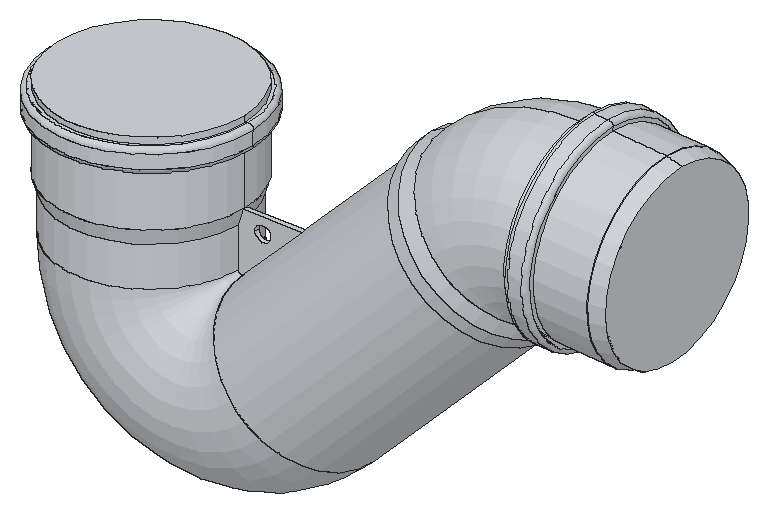
Revit family "RAUPIANO PLUS P-Trap Siphon without Vent", category Pipe Accessories, Revit 2012
Parameters (values of type "Standard")
  h4 [instance] = sin(Angle) * Radius 1  # 40.376 mm
  h3 [instance] = ((Length 1 + bmin 1) * cos(Angle)) - (Radius 1 * sin(Angle))  # 83.485 mm
  h2 [instance] = 36 mm - 2.5 mm  # 33.5 mm
  h1 [instance] = 6 mm - 2.5 mm  # 3.5 mm
  tmin 1 [instance] = 9.5 mm + 6 mm + 36 mm + bmin 1  # 56.165 mm
  re 1 [instance] = de 1 / 2  # 55.1 mm
  dst1 [instance] = 2 mm  # constant formula
  de 1 [instance] = 110.2 mm  # constant formula
  bmin 1 [instance] = (2.5 mm / tan(15.00°)) / 2  # 4.665 mm
  a3 [instance] = Radius 1 * cos(Angle)  # 40.376 mm
  a2 [instance] = (Length 1 + bmin 1) * sin(Angle)  # 123.86 mm
  a1 [instance] = Radius 1 * cos(Angle)  # 40.376 mm
  Type Comments = "RAU-PP; Push-fit; White"  # constant formula
  Thermal expansion coefficient [instance] = "0,09 mm/m.K"  # constant formula
  Temperature resistance [instance] = "90°C (continuous), 95°C (short term)"  # constant formula
  T1 = "DN 110"
  Spec Text [instance] = if(D = 110 mm, T1, Fail)  # "DN 110"
  Radius 1 [instance] = re 1 + dst1  # 57.1 mm
  Pressure resistance [instance] = "1 bar (100 kPa, 10m)"  # constant formula
  Pressure Drop [instance] = 0.00 psi
  Materialcode SAP [instance] = if(D = 110 mm, M1, Fail)  # "11230691001"
  Manufacturer = "REHAU"  # constant formula
  M1 = "11230691001"
  Loss Method = K Coefficient from Table
  Lookup Table Name = ""
  Length 2 [instance] = Length 1 - bmin 1  # 165.835 mm
  Length 1 [instance] = 170.5 mm  # constant formula
  K Coefficient Table = "Converging/Diverging Tee/Wye"
  Health and environmental impact [instance] = "Halogen-free (no F, Cl, Br, J) and 100% recyclable"  # constant formula
  Fire load [instance] = "14.992 kJ/kg"  # constant formula
  Fire behaviour [instance] = "B2 (DIN 4102); D,S3-d0 (EN 13501-1)"  # constant formula
  Fail = "No article found"
  Description = "REHAU RAUPIANO PLUS long socket"  # constant formula
  D [instance] = Nominal Diameter 1  # 110 mm
  Class [instance] = "SN4"  # constant formula
  Chemical resistance [instance] = "pH 2 - 12"  # constant formula
  Belt Thickness 1 [instance] = Dmax 1 / 2 - Sleeve Radius 1  # 5.3 mm
  Belt Radius 1 [instance] = 3 mm  # constant formula
  Belt Length 1 [instance] = 9.5 mm + 4.9 mm  # 14.4 mm
  Sleeve Radius 1 [instance] = (4.9 mm + 110.9 mm) / 2  # 57.9 mm
  Sleeve Length 1 [instance] = tmin 1 + bmin 1  # 60.83 mm
  Nominal Radius 1 [instance] = 55 mm  # constant formula
  Nominal Diameter 1 [instance] = Nominal Radius 1 * 2  # 110 mm
  Dmax 1 [instance] = 121.5 mm + 4.9 mm  # 126.4 mm
  Article No [instance] = if(D = 110 mm, A1, Fail)  # "123069-001"
  Application [instance] = "Not to be exposed to UV-radiation"  # constant formula
  Angle 3 [instance] = 48.00°  # constant formula
  Angle 2 [instance] = 180.00° - Angle  # 135.00°
  Angle [instance] = 45.00°  # constant formula
  Acoustic properties [instance] = "Rw + Ctr 42 (with industry standard suspended ceiling)"  # constant formula
  A1 = "123069-001"
  2 bmin 1 [instance] = 2.5 mm / tan(15.00°)  # 9.33 mm
Reference planes
  plane 1 "Center (Front/Back)": y = 0
  plane 2: z = 0
  plane 3 "Center (Left/Right)": x = 0
  plane 4: x = -57.9
  plane 5: x = 57.9
  plane 6: z = -3.5
  plane 7: z = -17.9
  plane 8: z = -51.4
  plane 9: z = -60.73
  plane 10: z = -56.065
  plane 11: z = -85.73
  plane 12: x = 57.1
  plane 13: x = 221.336
  plane 14: x = 97.476
  plane 15: z = -2.246
  plane 16: z = -42.621
  plane 17: y = 1.5
  plane 18: y = -1.5
  plane 19: z = -142.83
  plane 20: x = 137.852
  plane 21: x = 70.559
  plane 22: x = 84.017
Forms (mm)
  Extrusion 1, solid, detail levels fine
    sketch origin (0, 0, 0) x (1, 0, 0) y (0, 1, 0)
      loop
        circle (0, 0) r 57.9
    from -51.4 to 0
  Blend 2, solid, detail levels fine
    base sketch origin (0, 0, 0) x (1, 0, 0) y (0, 1, 0)
      loop
        circle (0, 0) r 57.9
    top sketch origin (0, 0, 0) x (1, 0, 0) y (0, 1, 0)
      loop
        circle (0, 0) r 55.1
    from -51.4 to -60.73
  Revolve 3, solid, detail levels fine
    sketch origin (0, 0, 0) x (1, 0, 0) y (0, 0, 1)
      loop
        line (57.9, -3.5) -> (57.9, -17.9) -> (60.2, -17.9)
        arc (60.2, -17.9) -> (62.321, -17.021) -> (63.2, -14.9) r 3
        line (63.2, -14.9) -> (63.2, -6.5)
        arc (63.2, -6.5) -> (62.321, -4.379) -> (60.2, -3.5) r 3
        line (60.2, -3.5) -> (57.9, -3.5)
      axis (0, -3.5) -> (0, -17.9)
    angle from 0 to 360
  Extrusion 4, solid, detail levels fine
    sketch origin (0, 0, 0) x (1, 0, 0) y (0, 1, 0)
      loop
        circle (0, 0) r 55.1
    from -60.73 to -85.73
  Sweep 5, solid, detail levels fine
    path in 3D
      loop
        arc (0, 0, -85.73) -> (35.249, 0, -138.484) -> (97.476, 0, -126.106) r 57.1
    profile origin (35.249, 0, -138.484) x (0.382683, 0, 0.92388) y (0, -1, 0)
      loop
        circle (0, 0) r 55.1
  Sweep 6, solid, detail levels fine
    path origin (97.476, 0, -126.106) x (0.707107, 0, 0.707107) y (-0.707107, 0, 0.707107)
      loop
        line (0, 0) -> (156.505, 0)
    profile origin (152.809, 0, -70.773) x (-0.707107, 0, 0.707107) y (0, -1, 0)
      loop
        circle (0, 0) r 55.1
  Sweep 7, solid, detail levels fine
    path in 3D
      loop
        line (214.739, 0, -8.843) -> (208.141, 0, -15.44)
    profile origin (211.44, 0, -12.142) x (0.707107, 0, -0.707107) y (0, -1, 0)
      loop
        circle (0, 0) r 57.9
  SweptBlend 8, solid, detail levels fine
    path in 3D
      loop
        line (214.739, 0, -8.843) -> (221.336, 0, -2.246)
    profile origin (214.739, 0, -8.843) x (-0.707107, 0, 0.707107) y (0, -1, 0)
      loop
        circle (0, 0) r 57.9
    end profile origin (221.336, 0, -2.246) x (-0.707107, 0, 0.707107) y (0, -1, 0)
      loop
        circle (0, 0) r 55.1
  Sweep 9, solid, detail levels fine
    path in 3D
      loop
        arc (221.336, 0, -2.246) -> (241.249, 0, 10.686) -> (264.7, 0, 14.4) r 57.1
    profile origin (241.249, 0, 10.686) x (-0.358368, 0, 0.93358) y (0, -1, 0)
      loop
        circle (0, 0) r 55.1
  SweptBlend 10, solid, detail levels fine
    path in 3D
      loop
        line (325.447, 0, 11.217) -> (316.13, 0, 11.705)
    profile origin (325.447, 0, 11.217) x (-0.052336, 0, -0.99863) y (0, -1, 0)
      loop
        circle (0, 0) r 55.1
    end profile origin (316.13, 0, 11.705) x (-0.052336, 0, -0.99863) y (0, -1, 0)
      loop
        circle (0, 0) r 57.9
  Sweep 11, solid, detail levels fine
    path origin (264.7, 0, 14.4) x (0.99863, 0, -0.052336) y (0.052336, 0, 0.99863)
      loop
        line (0, 0) -> (51.5, 0)
    profile origin (290.415, 0, 13.053) x (0.052336, 0, 0.99863) y (0, -1, 0)
      loop
        circle (0, 0) r 57.9
  Revolve 12, solid, detail levels fine
    sketch origin (264.7, 0, 14.4) x (0.99863, 0, -0.052336) y (0.052336, 0, 0.99863)
      loop
        line (17.9, 57.9) -> (17.9, 60.2)
        arc (17.9, 60.2) -> (17.021, 62.321) -> (14.9, 63.2) r 3
        line (14.9, 63.2) -> (6.5, 63.2)
        arc (6.5, 63.2) -> (4.379, 62.321) -> (3.5, 60.2) r 3
        line (3.5, 60.2) -> (3.5, 57.9) -> (17.9, 57.9)
      axis (3.5, 0) -> (17.9, 0)
    angle from 0 to 360
  Extrusion 13, solid, detail levels fine
    sketch origin (0, 0, 0) x (1, 0, 0) y (0, 1, 0)
      loop
        line (0, 1.5) -> (0, -1.5) -> (137.852, -1.5) -> (137.852, 1.5) -> (0, 1.5)
    from -51.4 to -142.83
  Extrusion 14, void
    sketch origin (0, 0, 0) x (1, 0, 0) y (0, 0, 1)
      loop
        circle (70.559, -60.73) r 5
    from -150 to 150
Cuts and joins
  Extrusion 14 cuts Blend 2
  Extrusion 14 cuts Extrusion 4
  Extrusion 14 cuts Sweep 6
  Extrusion 14 cuts Extrusion 13
  joined: Blend 2, Extrusion 4, Sweep 6, Extrusion 13
  joined: Sweep 7, SweptBlend 8, Sweep 9
Lines and regions (mm)
  reference lines
    curve 1: arc (0, 0, -85.73) -> (35.249, 0, -138.484) -> (97.476, 0, -126.106) r 57.1
    curve 2: line (97.476, 0, -126.106) -> (214.739, 0, -8.843)
    curve 4: line (214.739, 0, -8.843) -> (208.141, 0, -15.44)
    curve 6: line (214.739, 0, -8.843) -> (221.336, 0, -2.246)
    curve 7: arc (221.336, 0, -2.246) -> (241.249, 0, 10.686) -> (264.7, 0, 14.4) r 57.1
    curve 8: line (264.7, 0, 14.4) -> (325.447, 0, 11.217)
    curve 11: line (325.447, 0, 11.217) -> (316.13, 0, 11.705)
    curve 13: line (271.226, 0, 72.038) -> (265.165, 0, -43.603)
    curve 14: line (279.546, 0, -44.357) -> (285.606, 0, 71.284)
  sketch lines
    curve 3: arc (0, 0, -85.73) -> (35.249, 0, -138.484) -> (97.476, 0, -126.106) r 57.1
    curve 5: line (214.739, 0, -8.843) -> (208.141, 0, -15.44)
    curve 9: line (214.739, 0, -8.843) -> (221.336, 0, -2.246)
    curve 10: arc (221.336, 0, -2.246) -> (241.249, 0, 10.686) -> (264.7, 0, 14.4) r 57.1
    curve 12: line (325.447, 0, 11.217) -> (316.13, 0, 11.705)
  model lines, detail levels coarse+medium
    curve 15: line (264.7, 0, 14.4) -> (325.447, 0, 11.217)
    curve 17: arc (221.336, 0, -2.246) -> (241.249, 0, 10.686) -> (264.7, 0, 14.4) r 57.1
    curve 18: line (214.739, 0, -8.843) -> (221.336, 0, -2.246)
    curve 19: line (97.476, 0, -126.106) -> (214.739, 0, -8.843)
    curve 20: arc (0, 0, -85.73) -> (35.249, 0, -138.484) -> (97.476, 0, -126.106) r 57.1
    curve 21: line (0, 0, 0) -> (0, 0, -85.73)
    curve 23: line (0, 55, 0) -> (0, -55, 0)
    curve 24: line (325.447, -55, 11.217) -> (325.447, 55, 11.217)
  model lines, style "Symbol", detail levels coarse+medium
    curve 16: line (328.326, 0, 66.141) -> (322.569, 0, -43.708)
    curve 22: line (-55, 0, 0) -> (55, 0, 0)
Dimensions and locks
  equal spacing: plane 4, plane 3 "Center (Left/Right)", plane 5
  "Sleeve Radius 1": plane 3 "Center (Left/Right)" to plane 5
  equal spacing: plane 8, plane 10, plane 9
  "bmin 1": plane 8 to plane 10
  "h2": plane 7 to plane 8
  "Belt Length 1": plane 6 to plane 7
  "h1": level to plane 6
  plane 11 to plane 9 = 25 mm
  "Radius 1": plane 12 to plane 3 "Center (Left/Right)"
  "Belt Thickness 1": Revolve 3 sketch curve to Revolve 3 sketch curve
  "Length 2": curve 2 to curve 2
  "2 bmin 1": curve 4 to curve 4
  "2 bmin 1": curve 6 to curve 6
  "a1": plane 14 to plane 12
  "a2": plane 13 to plane 14
  "h3": plane 15 to plane 11
  "h4": plane 15 to plane 16
  "Sleeve Length 1": curve 8 to curve 8
  "a3": curve 7 to plane 13
  locked: plane 16 to curve 7 at 0
  "2 bmin 1": curve 11 to curve 11
  equal spacing: curve 13, curve 8, curve 13
  "Sleeve Radius 1": curve 13 to curve 8
  "h1": curve 8 to curve 13
  "Belt Length 1": curve 14 to curve 13
  "Belt Thickness 1": Revolve 12 sketch curve to Revolve 12 sketch curve
  "Belt Radius 1": plane 18 to plane 17
  equal spacing: plane 18, plane 1 "Center (Front/Back)", plane 17
  "Radius 1": plane 11 to plane 19
  "a1": plane 20 to plane 14
  equal spacing: plane 14, plane 22, plane 21, plane 12
  "Nominal Diameter 1": curve 16 to curve 16
  equal spacing: curve 16, curve 8, curve 16
  "Nominal Diameter 1": curve 22 to curve 22
  equal spacing: curve 22, plane 3 "Center (Left/Right)", curve 22
  "Nominal Diameter 1": curve 23 to curve 23
  equal spacing: curve 23, plane 1 "Center (Front/Back)", curve 23
  equal spacing: curve 24, curve 11, curve 24
  "Nominal Diameter 1": curve 24 to curve 24
  "Sleeve Radius 1": radius of Extrusion 1 sketch curve
  "Sleeve Radius 1": radius of Blend 2 sketch curve
  "re 1": radius of Blend 2 sketch curve
  "Belt Radius 1": radius of Revolve 3 sketch curve  (x2)
  "re 1": radius of Extrusion 4 sketch curve
  "re 1": radius of Sweep 5 sketch curve
  "re 1": radius of Sweep 6 sketch curve
  "Sleeve Radius 1": radius of Sweep 7 sketch curve
  "Radius 1": radius of curve 7
  "Sleeve Radius 1": radius of SweptBlend 8 sketch curve
  "re 1": radius of SweptBlend 8 sketch curve
  "re 1": radius of Sweep 9 sketch curve
  "re 1": radius of SweptBlend 10 sketch curve
  "Sleeve Radius 1": radius of SweptBlend 10 sketch curve
  "Sleeve Radius 1": radius of Sweep 11 sketch curve
  "Belt Radius 1": radius of Revolve 12 sketch curve  (x2)
  radius of Extrusion 14 sketch curve = 5 mm
  "Angle 2": angle curve 1 to curve 1
  "Angle": angle curve 2 to plane 3 "Center (Left/Right)"
  "Angle 3": angle curve 7 to curve 7
  "Angle 3": angle curve 8 to curve 6
  "Angle 3": angle curve 17 to curve 17
  aligned and locked: plane 2 to level
  aligned and locked: Extrusion 1 to plane 8
  aligned and locked: level to Extrusion 1
  aligned and locked: Blend 2 to plane 9
  aligned and locked: plane 8 to Blend 2
  aligned and locked: Revolve 3 sketch curve to plane 6
  aligned and locked: plane 5 to Revolve 3 sketch curve
  aligned and locked: Revolve 3 sketch curve to plane 7
  aligned and locked: Revolve 3 sketch curve to Revolve 3 sketch curve
  aligned and locked: Revolve 3 sketch curve to plane 3 "Center (Left/Right)"
  aligned and locked: Extrusion 4 to plane 9
  aligned and locked: Extrusion 4 to plane 11
  aligned and locked: plane 11 to curve 1
  aligned and locked: plane 3 "Center (Left/Right)" to curve 1
  aligned and locked: curve 6 to curve 2
  aligned and locked: curve 2 to curve 6
  aligned and locked: curve 11 to curve 8
  aligned and locked: Sweep 11 sketch curve to curve 8
  aligned and locked: curve 13 to curve 14  (x2)
  aligned and locked: curve 14 to Revolve 12 sketch curve
  aligned and locked: Revolve 12 sketch curve to curve 13  (x2)
  aligned and locked: Revolve 12 sketch curve to Revolve 12 sketch curve
  aligned and locked: Revolve 12 sketch curve to curve 8
  aligned and locked: Extrusion 13 sketch curve to plane 17
  aligned and locked: plane 3 "Center (Left/Right)" to Extrusion 13 sketch curve
  aligned and locked: Extrusion 13 sketch curve to plane 18
  aligned and locked: Extrusion 13 to plane 8
  aligned and locked: Extrusion 13 sketch curve to plane 20
  aligned and locked: curve 15 to curve 8
  aligned and locked: curve 16 to curve 8
  aligned and locked: curve 17 to curve 7
  aligned and locked: curve 18 to curve 6
  aligned and locked: curve 2 to curve 19
  aligned and locked: curve 20 to curve 1
  aligned and locked: level to curve 21
  aligned and locked: plane 11 to curve 21
  aligned and locked: curve 21 to plane 3 "Center (Left/Right)"
  aligned and locked: curve 22 to level
  aligned and locked: level to curve 23
  aligned and locked: curve 24 to curve 11
  aligned and locked: Sweep 6 sketch curve to curve 4
Automatic sketch dimensions
  plane 1 "Center (Front/Back)" to Extrusion 1 sketch curve = 0 mm
  Extrusion 1 sketch curve to plane 3 "Center (Left/Right)" = 0 mm
  plane 1 "Center (Front/Back)" to Blend 2 sketch curve = 0 mm  (x2)
  Blend 2 sketch curve to plane 3 "Center (Left/Right)" = 0 mm  (x2)
  Revolve 3 sketch curve to plane 11 = 518.87 mm
  level to Revolve 3 sketch curve = 2609.058 mm
  plane 1 "Center (Front/Back)" to Extrusion 4 sketch curve = 0 mm
  Extrusion 4 sketch curve to plane 3 "Center (Left/Right)" = 0 mm
  curve 1 to plane 12 = 0 mm
  Sweep 5 sketch curve to profile plane = 0 mm  (x2)
  Sweep 6 sketch curve to profile plane = 0 mm
  profile plane to Sweep 6 sketch curve = 0 mm
  Sweep 7 sketch curve to profile plane = 0 mm  (x2)
  SweptBlend 8 sketch curve to profile plane = 0 mm  (x2)
  profile plane to SweptBlend 8 sketch curve = 0 mm  (x2)
  Sweep 9 sketch curve to profile plane = 0 mm
  profile plane to Sweep 9 sketch curve = 0 mm
  SweptBlend 10 sketch curve to profile plane = 0 mm  (x2)
  profile plane to SweptBlend 10 sketch curve = 0 mm  (x2)
  Sweep 11 sketch curve to curve 8 = 0 mm
  Sweep 11 sketch curve to curve 8 = 9.33 mm
  Sweep 11 sketch curve to profile plane = 0 mm  (x2)
  curve 11 to curve 8 = 0 mm
  Revolve 12 sketch curve to curve 8 = 0 mm  (x2)
  Extrusion 14 sketch curve to plane 9 = 0 mm
  Extrusion 14 sketch curve to plane 21 = 0 mm
  curve 15 to curve 8 = 0 mm
  curve 18 to curve 6 = 0 mm
  curve 20 to plane 14 = 0 mm
  curve 4 to curve 19 = 156.505 mm
  Sweep 6 sketch curve to curve 2 = 0 mm
  Sweep 6 sketch curve to curve 2 = 9.33 mm
  curve 19 to curve 4 = 0 mm
Connectors
  piping at (0, 0, 0), driven by "Nominal Radius 1"
    settings: on Extrusion 1, index 1, connector radius 55 mm, flow factor 0, pipe flow 0 GPM, pressure drop 0.00 psi, fitting loss kfactor 0, connector angle 0.00°, fixture units 0, engagement length 0 mm, flow configuration 0, flow direction 1, fitting loss method 4, system type 16, joint type 0, gender type 0, connector reference index 2, connector utility 0, adjustable connector no, is connector primary yes, fitting loss table "", connector description ""
  piping at (325.447, 0, 11.217), driven by "Nominal Radius 1", driven by "Pressure Drop"
    settings: on SweptBlend 10, index 2, connector radius 55 mm, flow factor 0, pipe flow 0 GPM, pressure drop 0.00 psi, fitting loss kfactor 0, connector angle 0.00°, fixture units 0, engagement length 0 mm, flow configuration 0, flow direction 2, fitting loss method 4, system type 16, joint type 0, gender type 0, connector reference index 1, connector utility 0, adjustable connector no, is connector primary no, fitting loss table "", connector description ""
